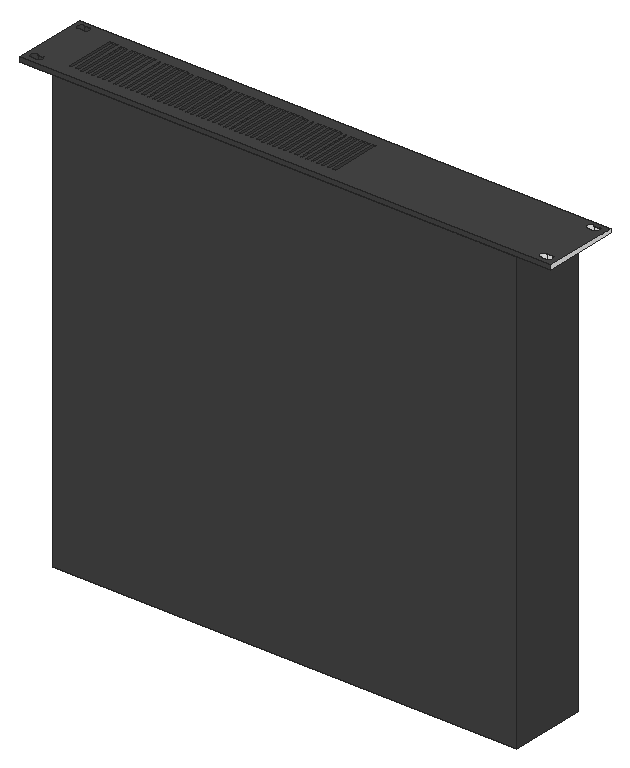
Revit family "Digital_Media-Honeywell-Amplifier-580248(49)-11", category Electrical Equipment, host Face, Revit 2017
Family settings
  Host = Face
  Round Connector Dimension = Use Diameter
  Part Type = Equipment Switch
  OmniClass Number = 23.85.50.00
  OmniClass Title = Communication Systems
  Cut with Voids When Loaded = No
  Shared = No
  Room Calculation Point = No
Parameters (values of type "Four Channel amplifier 4XD500 - 580249.11")
  Width = 484 mm  # constant formula
  Weight = if(Constraints = 1, 13.7999 kgf, 13.9999 kgf)  # 13.9999 kgf
  Watts = if(Constraints = 1, 300 W, 500 W)  # 500 W
  Wattage = if(Constraints = 1, "300 W", "500 W")  # "500 W"
  Voltage = "230 V"  # constant formula
  Version = "2017 - v1.0a"  # constant formula
  Utility = no
  Storage Temperature = "-10 °C ... 55 °C"  # constant formula
  Rated Voltage = "230 V AC"  # constant formula
  Rated Load Current = 2.95 A
  Rated Frequency = "50 ... 60 Hz (+10 % / -5 %)"  # constant formula
  Power Output = if(Constraints = 1, "4 x 300 W", "4 x 500 W")  # "4 x 500 W"
  Power Factor = 1
  Number of Poles = 1
  Manufacturer Phone Number = "02131/40615-600"  # constant formula
  Manufacturer Fax Number = "02131/40615-606"  # constant formula
  Manufacturer Email = "mailto:info@esser-systems.com"
  Manufacturer Address = "Dieselstr. 2 41469 Neuss Germany"  # constant formula
  Load Sub-Classification = no
  Frequency = 50 Hz
  Finish = Metal - Honeywell - Stainless Steel - Black
  URL = "www.esser-systems.com"
  Support Phone = "(224) 699-9545"  # constant formula
  Support Email = "mailto:support@anguleris.com"
  Product Page URL = "https://www.esser-systems.com/en/products/details/variodyn-d1/power-amplifier/58024911-four-channel-amplifier-4xd500/"
  Product Name = "Four Channel Amplifier "  # constant formula
  Product Documentation Link = "https://www.esser-systems.com/en/products/details/variodyn-d1/power-amplifier/58024911-four-channel-amplifier-4xd500/download/productdatasheet/3000699"
  Model = if(Constraints = 1, "580248.11", "580249.11")  # "580249.11"
  Material = ""
  Manufacturer = "Honeywell International"  # constant formula
  Keynote = ""
  Height = 68 mm  # constant formula
  Description = if(Constraints = 1, "Four channel amplifier 4XD300", "Four channel amplifier 4XD500")  # "Four channel amplifier 4XD500"
  Depth = 400 mm  # constant formula
  Default Elevation = 1219.2 mm
  Copyright = "© Copyright 2005-2019 Honeywell International Inc. All rights reserved."  # constant formula
  Constraints = 2
  Assembly Code = ""
  Apparent Load = 0 VA
  Ambient Temperature = "-5 °C ... 55 °C"  # constant formula
  Air Humidity = "40 ... 93 %"  # constant formula
Types (2, lengths in mm): name | Weight | Watts | Wattage | Power Output | Product Page URL | Product Documentation Link | Model | Description | Constraints
  Four Channel amplifier 4XD300 - 580248.11 | 13.7999 kgf | 300 W | "300 W" | "4 x 300 W" | "https://www.esser-systems.com/en/products/details/variodyn-d1/power-amplifier/58024811-four-channel-amplifier-4xd300/" | "https://www.esser-systems.com/en/products/details/variodyn-d1/power-amplifier/58024811-four-channel-amplifier-4xd300/download/productdatasheet/3000085" | "580248.11" | "Four channel amplifier 4XD300" | 1
  Four Channel amplifier 4XD500 - 580249.11 | 13.9999 kgf | 500 W | "500 W" | "4 x 500 W" | "https://www.esser-systems.com/en/products/details/variodyn-d1/power-amplifier/58024911-four-channel-amplifier-4xd500/" | "https://www.esser-systems.com/en/products/details/variodyn-d1/power-amplifier/58024911-four-channel-amplifier-4xd500/download/productdatasheet/3000699" | "580249.11" | "Four channel amplifier 4XD500" | 2
Reference planes
  plane 1 "Center (Front/Back)": y = 317.025
  plane 2: z = 0
  plane 3 "Center (Left/Right)": x = 0
  plane 4: y = -868.175
  plane 5: x = -242
  plane 6: x = 242
  plane 7: y = 351.025
  plane 8: y = 283.025
  plane 9 "Back": z = -400
  plane 10: z = 10.875
  plane 11: x = -158.75
Forms (mm)
  Extrusion 1, void
    sketch origin (0, 0, 0) x (1, 0, 0) y (0, 1, 0)
      loop
        line (-242, 351.025) -> (-242, 283.025) -> (242, 283.025) -> (242, 351.025) -> (-242, 351.025)
    from -402 to 10.875
  Extrusion 2, solid, material "Metal - Honeywell - Stainless Steel - Black" <- "Finish"
    sketch origin (0, 0, 0) x (1, 0, 0) y (0, 1, 0)
      loop
        line (242, 283.025) -> (242, 351.025) -> (-242, 351.025) -> (-242, 283.025) -> (242, 283.025)
      loop
        arc (-234.771, 346.867) -> (-237.919, 343.72) -> (-234.771, 340.572) r 3.148
        line (-234.771, 340.572) -> (-229.928, 340.572)
        arc (-229.928, 340.572) -> (-226.78, 343.72) -> (-229.928, 346.867) r 3.148
        line (-229.928, 346.867) -> (-234.771, 346.867)
      loop
        line (-234.771, 287.183) -> (-229.928, 287.183)
        arc (-229.928, 287.183) -> (-226.78, 290.331) -> (-229.928, 293.479) r 3.148
        line (-229.928, 293.479) -> (-234.771, 293.479)
        arc (-234.771, 293.479) -> (-237.919, 290.331) -> (-234.771, 287.183) r 3.148
      loop
        line (234.771, 346.867) -> (229.928, 346.867)
        arc (229.928, 346.867) -> (226.78, 343.72) -> (229.928, 340.572) r 3.148
        line (229.928, 340.572) -> (234.771, 340.572)
        arc (234.771, 340.572) -> (237.919, 343.72) -> (234.771, 346.867) r 3.148
      loop
        arc (234.771, 287.183) -> (237.919, 290.331) -> (234.771, 293.479) r 3.148
        line (234.771, 293.479) -> (229.928, 293.479)
        arc (229.928, 293.479) -> (226.78, 290.331) -> (229.928, 287.183) r 3.148
        line (229.928, 287.183) -> (234.771, 287.183)
      loop
        line (-205.682, 339.672) -> (-205.682, 294.688) -> (-203.153, 294.688) -> (-203.153, 339.672) -> (-205.682, 339.672)
      loop
        line (-200.741, 339.672) -> (-200.741, 294.688) -> (-198.189, 294.688) -> (-198.189, 339.672) -> (-200.741, 339.672)
      loop
        line (-195.682, 339.672) -> (-195.682, 294.688) -> (-193.153, 294.688) -> (-193.153, 339.672) -> (-195.682, 339.672)
      loop
        line (-190.741, 339.672) -> (-190.741, 294.688) -> (-188.189, 294.688) -> (-188.189, 339.672) -> (-190.741, 339.672)
      loop
        line (-185.777, 339.672) -> (-185.777, 294.688) -> (-183.225, 294.688) -> (-183.225, 339.672) -> (-185.777, 339.672)
      loop
        line (-180.718, 339.672) -> (-180.718, 294.688) -> (-178.189, 294.688) -> (-178.189, 339.672) -> (-180.718, 339.672)
      loop
        line (-175.777, 339.672) -> (-175.777, 294.688) -> (-173.225, 294.688) -> (-173.225, 339.672) -> (-175.777, 339.672)
      loop
        line (-170.813, 339.672) -> (-170.813, 294.688) -> (-168.261, 294.688) -> (-168.261, 339.672) -> (-170.813, 339.672)
      loop
        line (-165.754, 339.672) -> (-165.754, 294.688) -> (-163.225, 294.688) -> (-163.225, 339.672) -> (-165.754, 339.672)
      loop
        line (-160.313, 339.672) -> (-160.313, 294.688) -> (-157.761, 294.688) -> (-157.761, 339.672) -> (-160.313, 339.672)
      loop
        line (-155.349, 339.672) -> (-155.349, 294.688) -> (-152.797, 294.688) -> (-152.797, 339.672) -> (-155.349, 339.672)
      loop
        line (-150.29, 339.672) -> (-150.29, 294.688) -> (-147.761, 294.688) -> (-147.761, 339.672) -> (-150.29, 339.672)
      loop
        line (-145.349, 339.672) -> (-145.349, 294.688) -> (-142.797, 294.688) -> (-142.797, 339.672) -> (-145.349, 339.672)
      loop
        line (-140.384, 339.672) -> (-140.384, 294.688) -> (-137.833, 294.688) -> (-137.833, 339.672) -> (-140.384, 339.672)
      loop
        line (-135.325, 339.672) -> (-135.325, 294.688) -> (-132.797, 294.688) -> (-132.797, 339.672) -> (-135.325, 339.672)
      loop
        line (-130.384, 339.672) -> (-130.384, 294.688) -> (-127.833, 294.688) -> (-127.833, 339.672) -> (-130.384, 339.672)
      loop
        line (-125.42, 339.672) -> (-125.42, 294.688) -> (-122.868, 294.688) -> (-122.868, 339.672) -> (-125.42, 339.672)
      loop
        line (-120.361, 339.672) -> (-120.361, 294.688) -> (-117.833, 294.688) -> (-117.833, 339.672) -> (-120.361, 339.672)
      loop
        line (-115.42, 339.672) -> (-115.42, 294.688) -> (-112.868, 294.688) -> (-112.868, 339.672) -> (-115.42, 339.672)
      loop
        line (-110.456, 339.672) -> (-110.456, 294.688) -> (-107.904, 294.688) -> (-107.904, 339.672) -> (-110.456, 339.672)
      loop
        line (-105.397, 339.672) -> (-105.397, 294.688) -> (-102.868, 294.688) -> (-102.868, 339.672) -> (-105.397, 339.672)
      loop
        line (-100.456, 339.672) -> (-100.456, 294.688) -> (-97.904, 294.688) -> (-97.904, 339.672) -> (-100.456, 339.672)
      loop
        line (-95.492, 339.672) -> (-95.492, 294.688) -> (-92.94, 294.688) -> (-92.94, 339.672) -> (-95.492, 339.672)
      loop
        line (-90.433, 339.672) -> (-90.433, 294.688) -> (-87.904, 294.688) -> (-87.904, 339.672) -> (-90.433, 339.672)
      loop
        line (-85.492, 339.672) -> (-85.492, 294.688) -> (-82.94, 294.688) -> (-82.94, 339.672) -> (-85.492, 339.672)
      loop
        line (-80.528, 339.672) -> (-80.528, 294.688) -> (-77.976, 294.688) -> (-77.976, 339.672) -> (-80.528, 339.672)
      loop
        line (-75.469, 339.672) -> (-75.469, 294.688) -> (-72.94, 294.688) -> (-72.94, 339.672) -> (-75.469, 339.672)
      loop
        line (-70.528, 339.672) -> (-70.528, 294.688) -> (-67.976, 294.688) -> (-67.976, 339.672) -> (-70.528, 339.672)
      loop
        line (-65.564, 339.672) -> (-65.564, 294.688) -> (-63.012, 294.688) -> (-63.012, 339.672) -> (-65.564, 339.672)
      loop
        line (-60.505, 339.672) -> (-60.505, 294.688) -> (-57.976, 294.688) -> (-57.976, 339.672) -> (-60.505, 339.672)
      loop
        line (-55.564, 339.672) -> (-55.564, 294.688) -> (-53.012, 294.688) -> (-53.012, 339.672) -> (-55.564, 339.672)
      loop
        line (-50.6, 339.672) -> (-50.6, 294.688) -> (-48.048, 294.688) -> (-48.048, 339.672) -> (-50.6, 339.672)
      loop
        line (-45.541, 339.672) -> (-45.541, 294.688) -> (-43.012, 294.688) -> (-43.012, 339.672) -> (-45.541, 339.672)
      loop
        line (-40.6, 339.672) -> (-40.6, 294.688) -> (-38.048, 294.688) -> (-38.048, 339.672) -> (-40.6, 339.672)
      loop
        line (-35.635, 339.672) -> (-35.635, 294.688) -> (-33.084, 294.688) -> (-33.084, 339.672) -> (-35.635, 339.672)
      loop
        line (-30.577, 339.672) -> (-30.577, 294.688) -> (-28.048, 294.688) -> (-28.048, 339.672) -> (-30.577, 339.672)
      loop
        line (-25.635, 339.672) -> (-25.635, 294.688) -> (-23.084, 294.688) -> (-23.084, 339.672) -> (-25.635, 339.672)
      loop
        line (-20.671, 339.672) -> (-20.671, 294.688) -> (-18.119, 294.688) -> (-18.119, 339.672) -> (-20.671, 339.672)
      loop
        line (-15.612, 339.672) -> (-15.612, 294.688) -> (-13.084, 294.688) -> (-13.084, 339.672) -> (-15.612, 339.672)
      loop
        line (-10.671, 339.672) -> (-10.671, 294.688) -> (-8.119, 294.688) -> (-8.119, 339.672) -> (-10.671, 339.672)
      loop
        line (-5.707, 339.672) -> (-5.707, 294.688) -> (-3.155, 294.688) -> (-3.155, 339.672) -> (-5.707, 339.672)
      loop
        line (-0.648, 339.672) -> (-0.648, 294.688) -> (1.881, 294.688) -> (1.881, 339.672) -> (-0.648, 339.672)
      loop
        line (4.293, 339.672) -> (4.293, 294.688) -> (6.845, 294.688) -> (6.845, 339.672) -> (4.293, 339.672)
      loop
        line (9.257, 339.672) -> (9.257, 294.688) -> (11.809, 294.688) -> (11.809, 339.672) -> (9.257, 339.672)
      loop
        line (14.316, 339.672) -> (14.316, 294.688) -> (16.845, 294.688) -> (16.845, 339.672) -> (14.316, 339.672)
      loop
        line (19.257, 339.672) -> (19.257, 294.688) -> (21.809, 294.688) -> (21.809, 339.672) -> (19.257, 339.672)
      loop
        line (24.221, 339.672) -> (24.221, 294.688) -> (26.773, 294.688) -> (26.773, 339.672) -> (24.221, 339.672)
      loop
        line (29.28, 339.672) -> (29.28, 294.688) -> (31.809, 294.688) -> (31.809, 339.672) -> (29.28, 339.672)
      loop
        line (34.221, 339.672) -> (34.221, 294.688) -> (36.773, 294.688) -> (36.773, 339.672) -> (34.221, 339.672)
    from 0 to 4
  Extrusion 3, solid, material "Metal - Honeywell - Stainless Steel - Black"
    sketch origin (0, 0, 0) x (1, 0, 0) y (0, 1, 0)
      loop
        line (-210.879, 351.025) -> (-211.879, 283.025) -> (211, 283.025) -> (212, 351.025) -> (-210.879, 351.025)
    from 0 to -402
Lines and regions (mm)
  Masking region 1
    outline origin (0, 317.025, 0) x (1, 0, 0) y (0, 0, 1)
      loop
        line (-242, -400) -> (242, -400) -> (242, 4) -> (-242, 4) -> (-242, -400)
  Split face 1
    outline origin (-31.31, -17.075, 4) x (1, 0, 0) y (0, 1, 0)
      loop
        line (85.583, 330.048) -> (85.583, 326.452) -> (112.825, 326.452) -> (112.825, 330.048) -> (85.583, 330.048)
  Split face 2
    outline origin (-58.938, -16.388, 4) x (1, 0, 0) y (0, 1, 0)
      loop
        line (113.112, 341.732) -> (113.112, 338.024) -> (140.924, 338.024) -> (140.924, 341.732) -> (113.112, 341.732)
  Split face 3
    outline origin (-38.173, -17.107, 4) x (1, 0, 0) y (0, 1, 0)
      loop
        line (92.371, 335.577) -> (92.371, 332.318) -> (119.973, 332.318) -> (119.973, 335.577) -> (92.371, 335.577)
  Split face 4
    outline origin (0, 0, 4) x (1, 0, 0) y (0, 1, 0)
      loop
        line (179.089, 351.025) -> (179.089, 283.025)
  Split face 5
    outline origin (3.962, -22.943, 4) x (1, 0, 0) y (0, 1, 0)
      loop
        line (81.951, 325.725) -> (81.951, 319.284) -> (115.421, 319.284) -> (115.421, 325.725) -> (81.951, 325.725)
  Split face 6
    outline origin (-0.038, -0.212, 4) x (1, 0, 0) y (0, 1, 0)
      loop
        line (129.232, 323.369) -> (129.232, 320.354) -> (149.955, 320.354) -> (149.955, 323.369) -> (129.232, 323.369)
  Split face 7
    outline origin (0.101, -9.011, 4) x (1, 0, 0) y (0, 1, 0)
      loop
        line (129.232, 323.559) -> (129.232, 319.851) -> (149.955, 319.851) -> (149.955, 323.559) -> (129.232, 323.559)
  Split face 8
    outline origin (0, -9.188, 4) x (1, 0, 0) y (0, 1, 0)
      loop
        line (129.232, 329.409) -> (129.232, 326.329) -> (149.955, 326.329) -> (149.955, 329.409) -> (129.232, 329.409)
  Split face 9
    outline origin (-0.302, -0.101, 4) x (1, 0, 0) y (0, 1, 0)
      loop
        line (54.726, 306.607) -> (54.726, 302.852) -> (82.162, 302.852) -> (82.162, 306.607) -> (54.726, 306.607)
  Split face 10
    outline origin (-242, 351.025, 0) x (1, 0, 0) y (0, 0, -1)
      loop
        line (421.089, -4) -> (421.089, 0)
  Split face 11
    outline origin (242, 283.025, 0) x (-1, 0, 0) y (0, 0, -1)
      loop
        line (62.911, -4) -> (62.911, 0)
  Split face 12
    outline origin (0, -0.938, 4) x (1, 0, 0) y (0, 1, 0)
      loop
        line (53.674, 333.284) -> (53.674, 329.409) -> (81.015, 329.409) -> (81.015, 333.284) -> (53.674, 333.284)
Dimensions and locks
  "Default Elevation": plane 4 to plane 7
  plane 10 to Masking region 1 = 6.875 mm
  "Depth": level to plane 9 "Back"
  "Height": plane 8 to plane 7
  equal spacing: plane 5, plane 3 "Center (Left/Right)", plane 6
  "Width": plane 5 to plane 6
  equal spacing: plane 8, plane 1 "Center (Front/Back)", plane 7
  locked: plane 10 to level at 10.875
  locked: Extrusion 2 to level at 4  (x3)
  Extrusion 2 sketch curve to Extrusion 2 sketch curve to plane 7 = 6.296 mm locked, 4.158 mm locked  (x2)
  plane 5 to Extrusion 2 sketch curve to Extrusion 2 sketch curve = 4.081 mm locked, 11.139 mm  (x2)
  Extrusion 2 sketch curve to Extrusion 2 sketch curve to plane 8 = 6.296 mm locked, 4.158 mm locked  (x2)
  plane 6 to Extrusion 2 sketch curve to Extrusion 2 sketch curve = 4.081 mm locked, 11.139 mm  (x2)
  locked: host sketch curve to plane 3 "Center (Left/Right)" at 1219.2  (x12)
  locked: host sketch curve to plane 1 "Center (Front/Back)" at 1536.225  (x6)
  locked: host sketch curve to plane 1 "Center (Front/Back)" at 902.175  (x6)
  Extrusion 1 sketch curve to plane 3 "Center (Left/Right)" = 242 mm  (x6)
  Extrusion 1 sketch curve to plane 1 "Center (Front/Back)" = 34 mm  (x6)
  Extrusion 2 to plane 3 "Center (Left/Right)" = 242 mm  (x4)
  Extrusion 2 to plane 3 "Center (Left/Right)" = 203.153 mm  (x2)
  Extrusion 2 to plane 3 "Center (Left/Right)" = 205.682 mm  (x2)
  Extrusion 2 to plane 3 "Center (Left/Right)" = 198.189 mm  (x2)
  Extrusion 2 to plane 3 "Center (Left/Right)" = 200.741 mm  (x2)
  Extrusion 2 to plane 3 "Center (Left/Right)" = 193.153 mm  (x2)
  Extrusion 2 to plane 3 "Center (Left/Right)" = 195.682 mm  (x2)
  Extrusion 2 to plane 3 "Center (Left/Right)" = 188.189 mm  (x2)
  Extrusion 2 to plane 3 "Center (Left/Right)" = 190.741 mm  (x2)
  Extrusion 2 to plane 3 "Center (Left/Right)" = 183.225 mm  (x2)
  Extrusion 2 to plane 3 "Center (Left/Right)" = 185.777 mm  (x2)
  Extrusion 2 to plane 3 "Center (Left/Right)" = 178.189 mm  (x2)
  Extrusion 2 to plane 3 "Center (Left/Right)" = 180.718 mm  (x2)
  Extrusion 2 to plane 3 "Center (Left/Right)" = 173.225 mm  (x2)
  Extrusion 2 to plane 3 "Center (Left/Right)" = 175.777 mm  (x2)
  Extrusion 2 to plane 3 "Center (Left/Right)" = 168.261 mm  (x2)
  Extrusion 2 to plane 3 "Center (Left/Right)" = 170.813 mm  (x2)
  Extrusion 2 to plane 3 "Center (Left/Right)" = 163.225 mm  (x2)
  Extrusion 2 to plane 3 "Center (Left/Right)" = 165.754 mm  (x2)
  locked: Extrusion 2 to plane 3 "Center (Left/Right)" at 157.761  (x2)
  locked: Extrusion 2 to plane 3 "Center (Left/Right)" at 160.313  (x2)
  locked: Extrusion 2 to plane 3 "Center (Left/Right)" at 152.797  (x2)
  locked: Extrusion 2 to plane 3 "Center (Left/Right)" at 155.349  (x2)
  locked: Extrusion 2 to plane 3 "Center (Left/Right)" at 147.761  (x2)
  locked: Extrusion 2 to plane 3 "Center (Left/Right)" at 150.29  (x2)
  locked: Extrusion 2 to plane 3 "Center (Left/Right)" at 142.797  (x2)
  locked: Extrusion 2 to plane 3 "Center (Left/Right)" at 145.349  (x2)
  locked: Extrusion 2 to plane 3 "Center (Left/Right)" at 137.833  (x2)
  locked: Extrusion 2 to plane 3 "Center (Left/Right)" at 140.384  (x2)
  locked: Extrusion 2 to plane 3 "Center (Left/Right)" at 132.797  (x2)
  locked: Extrusion 2 to plane 3 "Center (Left/Right)" at 135.325  (x2)
  locked: Extrusion 2 to plane 3 "Center (Left/Right)" at 127.833  (x2)
  locked: Extrusion 2 to plane 3 "Center (Left/Right)" at 130.384  (x2)
  locked: Extrusion 2 to plane 3 "Center (Left/Right)" at 122.868  (x2)
  locked: Extrusion 2 to plane 3 "Center (Left/Right)" at 125.42  (x2)
  locked: Extrusion 2 to plane 3 "Center (Left/Right)" at 117.833  (x2)
  locked: Extrusion 2 to plane 3 "Center (Left/Right)" at 120.361  (x2)
  locked: Extrusion 2 to plane 3 "Center (Left/Right)" at 112.868  (x2)
  locked: Extrusion 2 to plane 3 "Center (Left/Right)" at 115.42  (x2)
  locked: Extrusion 2 to plane 3 "Center (Left/Right)" at 107.904  (x2)
  locked: Extrusion 2 to plane 3 "Center (Left/Right)" at 110.456  (x2)
  locked: Extrusion 2 to plane 3 "Center (Left/Right)" at 102.868  (x2)
  locked: Extrusion 2 to plane 3 "Center (Left/Right)" at 105.397  (x2)
  locked: Extrusion 2 to plane 3 "Center (Left/Right)" at 97.904  (x2)
  locked: Extrusion 2 to plane 3 "Center (Left/Right)" at 100.456  (x2)
  locked: Extrusion 2 to plane 3 "Center (Left/Right)" at 92.94  (x2)
  locked: Extrusion 2 to plane 3 "Center (Left/Right)" at 95.492  (x2)
  locked: Extrusion 2 to plane 3 "Center (Left/Right)" at 87.904  (x2)
  locked: Extrusion 2 to plane 3 "Center (Left/Right)" at 90.433  (x2)
  locked: Extrusion 2 to plane 3 "Center (Left/Right)" at 82.94  (x2)
  locked: Extrusion 2 to plane 3 "Center (Left/Right)" at 85.492  (x2)
  locked: Extrusion 2 to plane 3 "Center (Left/Right)" at 77.976  (x2)
  locked: Extrusion 2 to plane 3 "Center (Left/Right)" at 80.528  (x2)
  locked: Extrusion 2 to plane 3 "Center (Left/Right)" at 72.94  (x2)
  locked: Extrusion 2 to plane 3 "Center (Left/Right)" at 75.469  (x2)
  locked: Extrusion 2 to plane 3 "Center (Left/Right)" at 67.976  (x2)
  locked: Extrusion 2 to plane 3 "Center (Left/Right)" at 70.528  (x2)
  locked: Extrusion 2 to plane 3 "Center (Left/Right)" at 63.012  (x2)
  locked: Extrusion 2 to plane 3 "Center (Left/Right)" at 65.564  (x2)
  locked: Extrusion 2 to plane 3 "Center (Left/Right)" at 57.976  (x2)
  locked: Extrusion 2 to plane 3 "Center (Left/Right)" at 60.505  (x2)
  locked: Extrusion 2 to plane 3 "Center (Left/Right)" at 53.012  (x2)
  locked: Extrusion 2 to plane 3 "Center (Left/Right)" at 55.564  (x2)
  locked: Extrusion 2 to plane 3 "Center (Left/Right)" at 48.048  (x2)
  locked: Extrusion 2 to plane 3 "Center (Left/Right)" at 50.6  (x2)
  locked: Extrusion 2 to plane 3 "Center (Left/Right)" at 43.012  (x2)
  locked: Extrusion 2 to plane 3 "Center (Left/Right)" at 45.541  (x2)
  locked: Extrusion 2 to plane 3 "Center (Left/Right)" at 38.048  (x2)
  locked: Extrusion 2 to plane 3 "Center (Left/Right)" at 40.6  (x2)
  locked: Extrusion 2 to plane 3 "Center (Left/Right)" at 33.084  (x2)
  locked: Extrusion 2 to plane 3 "Center (Left/Right)" at 35.635  (x2)
  locked: Extrusion 2 to plane 3 "Center (Left/Right)" at 28.048  (x2)
  locked: Extrusion 2 to plane 3 "Center (Left/Right)" at 30.577  (x2)
  locked: Extrusion 2 to plane 3 "Center (Left/Right)" at 23.084  (x2)
  locked: Extrusion 2 to plane 3 "Center (Left/Right)" at 25.635  (x2)
  locked: Extrusion 2 to plane 3 "Center (Left/Right)" at 18.119  (x2)
  locked: Extrusion 2 to plane 3 "Center (Left/Right)" at 20.671  (x2)
  locked: Extrusion 2 to plane 3 "Center (Left/Right)" at 13.084  (x2)
  locked: Extrusion 2 to plane 3 "Center (Left/Right)" at 15.612  (x2)
  locked: Extrusion 2 to plane 3 "Center (Left/Right)" at 8.119  (x2)
  locked: Extrusion 2 to plane 3 "Center (Left/Right)" at 10.671  (x2)
  locked: Extrusion 2 to plane 3 "Center (Left/Right)" at 3.155  (x2)
  locked: Extrusion 2 to plane 3 "Center (Left/Right)" at 5.707  (x2)
  locked: Extrusion 2 to plane 3 "Center (Left/Right)" at 1.881  (x2)
  locked: Extrusion 2 to plane 3 "Center (Left/Right)" at 6.845  (x2)
  locked: Extrusion 2 to plane 3 "Center (Left/Right)" at 4.293  (x2)
  locked: Extrusion 2 to plane 3 "Center (Left/Right)" at 11.809  (x2)
  locked: Extrusion 2 to plane 3 "Center (Left/Right)" at 9.257  (x2)
  locked: Extrusion 2 to plane 3 "Center (Left/Right)" at 16.845  (x2)
  locked: Extrusion 2 to plane 3 "Center (Left/Right)" at 14.316  (x2)
  locked: Extrusion 2 to plane 3 "Center (Left/Right)" at 21.809  (x2)
  locked: Extrusion 2 to plane 3 "Center (Left/Right)" at 19.257  (x2)
  locked: Extrusion 2 to plane 3 "Center (Left/Right)" at 26.773  (x2)
  locked: Extrusion 2 to plane 3 "Center (Left/Right)" at 24.221  (x2)
  locked: Extrusion 2 to plane 3 "Center (Left/Right)" at 31.809  (x2)
  locked: Extrusion 2 to plane 3 "Center (Left/Right)" at 29.28  (x2)
  locked: Extrusion 2 to plane 3 "Center (Left/Right)" at 36.773  (x2)
  locked: Extrusion 2 to plane 3 "Center (Left/Right)" at 34.221  (x2)
  Extrusion 2 to plane 1 "Center (Front/Back)" = 34 mm  (x4)
  Extrusion 2 to plane 1 "Center (Front/Back)" = 23.546 mm  (x8)
  Extrusion 2 to plane 1 "Center (Front/Back)" = 29.842 mm  (x8)
  Extrusion 2 to plane 1 "Center (Front/Back)" = 22.338 mm  (x98)
  Extrusion 2 to plane 1 "Center (Front/Back)" = 22.647 mm  (x98)
  Extrusion 2 sketch curve to plane 1 "Center (Front/Back)" = 34 mm  (x12)
  Extrusion 2 sketch curve to plane 1 "Center (Front/Back)" = 29.842 mm  (x40)
  Extrusion 2 sketch curve to plane 1 "Center (Front/Back)" = 23.546 mm  (x48)
  Extrusion 2 sketch curve to plane 1 "Center (Front/Back)" = 22.338 mm  (x294)
  Extrusion 2 sketch curve to plane 1 "Center (Front/Back)" = 22.647 mm  (x294)
  Extrusion 2 sketch curve to plane 3 "Center (Left/Right)" = 242 mm  (x6)
  Extrusion 2 sketch curve to plane 3 "Center (Left/Right)" = 229.928 mm  (x8)
  Extrusion 2 sketch curve to plane 3 "Center (Left/Right)" = 234.771 mm  (x8)
  Extrusion 2 sketch curve to plane 3 "Center (Left/Right)" = 203.153 mm  (x3)
  Extrusion 2 sketch curve to plane 3 "Center (Left/Right)" = 205.682 mm  (x3)
  Extrusion 2 sketch curve to plane 3 "Center (Left/Right)" = 198.189 mm  (x3)
  Extrusion 2 sketch curve to plane 3 "Center (Left/Right)" = 200.741 mm  (x3)
  Extrusion 2 sketch curve to plane 3 "Center (Left/Right)" = 193.153 mm  (x3)
  Extrusion 2 sketch curve to plane 3 "Center (Left/Right)" = 195.682 mm  (x3)
  Extrusion 2 sketch curve to plane 3 "Center (Left/Right)" = 188.189 mm  (x3)
  Extrusion 2 sketch curve to plane 3 "Center (Left/Right)" = 190.741 mm  (x3)
  Extrusion 2 sketch curve to plane 3 "Center (Left/Right)" = 183.225 mm  (x3)
  Extrusion 2 sketch curve to plane 3 "Center (Left/Right)" = 185.777 mm  (x3)
  Extrusion 2 sketch curve to plane 3 "Center (Left/Right)" = 178.189 mm  (x3)
  Extrusion 2 sketch curve to plane 3 "Center (Left/Right)" = 180.718 mm  (x3)
  Extrusion 2 sketch curve to plane 3 "Center (Left/Right)" = 173.225 mm  (x3)
  Extrusion 2 sketch curve to plane 3 "Center (Left/Right)" = 175.777 mm  (x3)
  Extrusion 2 sketch curve to plane 3 "Center (Left/Right)" = 168.261 mm  (x3)
  Extrusion 2 sketch curve to plane 3 "Center (Left/Right)" = 170.813 mm  (x3)
  Extrusion 2 sketch curve to plane 3 "Center (Left/Right)" = 163.225 mm  (x3)
  Extrusion 2 sketch curve to plane 3 "Center (Left/Right)" = 165.754 mm  (x3)
  locked: Extrusion 2 sketch curve to plane 3 "Center (Left/Right)" at 157.761  (x3)
  locked: Extrusion 2 sketch curve to plane 3 "Center (Left/Right)" at 160.313  (x3)
  locked: Extrusion 2 sketch curve to plane 3 "Center (Left/Right)" at 152.797  (x3)
  locked: Extrusion 2 sketch curve to plane 3 "Center (Left/Right)" at 155.349  (x3)
  locked: Extrusion 2 sketch curve to plane 3 "Center (Left/Right)" at 147.761  (x3)
  locked: Extrusion 2 sketch curve to plane 3 "Center (Left/Right)" at 150.29  (x3)
  locked: Extrusion 2 sketch curve to plane 3 "Center (Left/Right)" at 142.797  (x3)
  locked: Extrusion 2 sketch curve to plane 3 "Center (Left/Right)" at 145.349  (x3)
  locked: Extrusion 2 sketch curve to plane 3 "Center (Left/Right)" at 137.833  (x3)
  locked: Extrusion 2 sketch curve to plane 3 "Center (Left/Right)" at 140.384  (x3)
  locked: Extrusion 2 sketch curve to plane 3 "Center (Left/Right)" at 132.797  (x3)
  locked: Extrusion 2 sketch curve to plane 3 "Center (Left/Right)" at 135.325  (x3)
  locked: Extrusion 2 sketch curve to plane 3 "Center (Left/Right)" at 127.833  (x3)
  locked: Extrusion 2 sketch curve to plane 3 "Center (Left/Right)" at 130.384  (x3)
  locked: Extrusion 2 sketch curve to plane 3 "Center (Left/Right)" at 122.868  (x3)
  locked: Extrusion 2 sketch curve to plane 3 "Center (Left/Right)" at 125.42  (x3)
  locked: Extrusion 2 sketch curve to plane 3 "Center (Left/Right)" at 117.833  (x3)
  locked: Extrusion 2 sketch curve to plane 3 "Center (Left/Right)" at 120.361  (x3)
  locked: Extrusion 2 sketch curve to plane 3 "Center (Left/Right)" at 112.868  (x3)
  locked: Extrusion 2 sketch curve to plane 3 "Center (Left/Right)" at 115.42  (x3)
  locked: Extrusion 2 sketch curve to plane 3 "Center (Left/Right)" at 107.904  (x3)
  locked: Extrusion 2 sketch curve to plane 3 "Center (Left/Right)" at 110.456  (x3)
  locked: Extrusion 2 sketch curve to plane 3 "Center (Left/Right)" at 102.868  (x3)
  locked: Extrusion 2 sketch curve to plane 3 "Center (Left/Right)" at 105.397  (x3)
  locked: Extrusion 2 sketch curve to plane 3 "Center (Left/Right)" at 97.904  (x3)
  locked: Extrusion 2 sketch curve to plane 3 "Center (Left/Right)" at 100.456  (x3)
  locked: Extrusion 2 sketch curve to plane 3 "Center (Left/Right)" at 92.94  (x3)
  locked: Extrusion 2 sketch curve to plane 3 "Center (Left/Right)" at 95.492  (x3)
  locked: Extrusion 2 sketch curve to plane 3 "Center (Left/Right)" at 87.904  (x3)
  locked: Extrusion 2 sketch curve to plane 3 "Center (Left/Right)" at 90.433  (x3)
  locked: Extrusion 2 sketch curve to plane 3 "Center (Left/Right)" at 82.94  (x3)
  locked: Extrusion 2 sketch curve to plane 3 "Center (Left/Right)" at 85.492  (x3)
  locked: Extrusion 2 sketch curve to plane 3 "Center (Left/Right)" at 77.976  (x3)
  locked: Extrusion 2 sketch curve to plane 3 "Center (Left/Right)" at 80.528  (x3)
  locked: Extrusion 2 sketch curve to plane 3 "Center (Left/Right)" at 72.94  (x3)
  locked: Extrusion 2 sketch curve to plane 3 "Center (Left/Right)" at 75.469  (x3)
  locked: Extrusion 2 sketch curve to plane 3 "Center (Left/Right)" at 67.976  (x3)
  locked: Extrusion 2 sketch curve to plane 3 "Center (Left/Right)" at 70.528  (x3)
  locked: Extrusion 2 sketch curve to plane 3 "Center (Left/Right)" at 63.012  (x3)
  locked: Extrusion 2 sketch curve to plane 3 "Center (Left/Right)" at 65.564  (x3)
  locked: Extrusion 2 sketch curve to plane 3 "Center (Left/Right)" at 57.976  (x3)
  locked: Extrusion 2 sketch curve to plane 3 "Center (Left/Right)" at 60.505  (x3)
  locked: Extrusion 2 sketch curve to plane 3 "Center (Left/Right)" at 53.012  (x3)
  locked: Extrusion 2 sketch curve to plane 3 "Center (Left/Right)" at 55.564  (x3)
  locked: Extrusion 2 sketch curve to plane 3 "Center (Left/Right)" at 48.048  (x3)
  locked: Extrusion 2 sketch curve to plane 3 "Center (Left/Right)" at 50.6  (x3)
  locked: Extrusion 2 sketch curve to plane 3 "Center (Left/Right)" at 43.012  (x3)
  locked: Extrusion 2 sketch curve to plane 3 "Center (Left/Right)" at 45.541  (x3)
  locked: Extrusion 2 sketch curve to plane 3 "Center (Left/Right)" at 38.048  (x3)
  locked: Extrusion 2 sketch curve to plane 3 "Center (Left/Right)" at 40.6  (x3)
  locked: Extrusion 2 sketch curve to plane 3 "Center (Left/Right)" at 33.084  (x3)
  locked: Extrusion 2 sketch curve to plane 3 "Center (Left/Right)" at 35.635  (x3)
  locked: Extrusion 2 sketch curve to plane 3 "Center (Left/Right)" at 28.048  (x3)
  locked: Extrusion 2 sketch curve to plane 3 "Center (Left/Right)" at 30.577  (x3)
  locked: Extrusion 2 sketch curve to plane 3 "Center (Left/Right)" at 23.084  (x3)
  locked: Extrusion 2 sketch curve to plane 3 "Center (Left/Right)" at 25.635  (x3)
  locked: Extrusion 2 sketch curve to plane 3 "Center (Left/Right)" at 18.119  (x3)
  locked: Extrusion 2 sketch curve to plane 3 "Center (Left/Right)" at 20.671  (x3)
  locked: Extrusion 2 sketch curve to plane 3 "Center (Left/Right)" at 13.084  (x3)
  locked: Extrusion 2 sketch curve to plane 3 "Center (Left/Right)" at 15.612  (x3)
  locked: Extrusion 2 sketch curve to plane 3 "Center (Left/Right)" at 8.119  (x3)
  locked: Extrusion 2 sketch curve to plane 3 "Center (Left/Right)" at 10.671  (x3)
  locked: Extrusion 2 sketch curve to plane 3 "Center (Left/Right)" at 3.155  (x3)
  locked: Extrusion 2 sketch curve to plane 3 "Center (Left/Right)" at 5.707  (x3)
  locked: Extrusion 2 sketch curve to plane 3 "Center (Left/Right)" at 1.881  (x3)
  locked: Extrusion 2 sketch curve to plane 3 "Center (Left/Right)" at 6.845  (x3)
  locked: Extrusion 2 sketch curve to plane 3 "Center (Left/Right)" at 4.293  (x3)
  locked: Extrusion 2 sketch curve to plane 3 "Center (Left/Right)" at 11.809  (x3)
  locked: Extrusion 2 sketch curve to plane 3 "Center (Left/Right)" at 9.257  (x3)
  locked: Extrusion 2 sketch curve to plane 3 "Center (Left/Right)" at 16.845  (x3)
  locked: Extrusion 2 sketch curve to plane 3 "Center (Left/Right)" at 14.316  (x3)
  locked: Extrusion 2 sketch curve to plane 3 "Center (Left/Right)" at 21.809  (x3)
  locked: Extrusion 2 sketch curve to plane 3 "Center (Left/Right)" at 19.257  (x3)
  locked: Extrusion 2 sketch curve to plane 3 "Center (Left/Right)" at 26.773  (x3)
  locked: Extrusion 2 sketch curve to plane 3 "Center (Left/Right)" at 24.221  (x3)
  locked: Extrusion 2 sketch curve to plane 3 "Center (Left/Right)" at 31.809  (x3)
  locked: Extrusion 2 sketch curve to plane 3 "Center (Left/Right)" at 29.28  (x3)
  locked: Extrusion 2 sketch curve to plane 3 "Center (Left/Right)" at 36.773  (x3)
  locked: Extrusion 2 sketch curve to plane 3 "Center (Left/Right)" at 34.221  (x3)
  Extrusion 3 sketch curve to plane 3 "Center (Left/Right)" = 212 mm  (x2)
  locked: Extrusion 3 sketch curve to plane 3 "Center (Left/Right)" at 211  (x2)
  Extrusion 3 sketch curve to plane 3 "Center (Left/Right)" = 211.879 mm  (x2)
  locked: Extrusion 3 sketch curve to plane 3 "Center (Left/Right)" at 210.879  (x2)
  Extrusion 3 to plane 1 "Center (Front/Back)" = 34 mm  (x4)
  Extrusion 3 sketch curve to plane 1 "Center (Front/Back)" = 34 mm  (x12)
  locked: Extrusion 3 to level at 402  (x2)
  plane 1 "Center (Front/Back)" to Split face 12 sketch curve to Split face 12 sketch curve = 11.447 mm locked, 3.875 mm locked
  plane 1 "Center (Front/Back)" to Split face 2 sketch curve to Split face 2 sketch curve = 4.611 mm locked, 3.708 mm locked
  Split face 3 sketch curve to plane 1 "Center (Front/Back)" to Split face 3 sketch curve = 1.815 mm locked, 1.444 mm locked
  Split face 1 sketch curve to Split face 1 sketch curve to plane 1 "Center (Front/Back)" = 3.596 mm locked, 4.052 mm locked
  Split face 9 sketch curve to Split face 9 sketch curve to plane 1 "Center (Front/Back)" = 3.755 mm locked, 10.519 mm locked
  Split face 7 to Split face 7 to plane 1 "Center (Front/Back)" to Split face 8 to Split face 6 to Split face 8 to Split face 6 = 3.708 mm locked, 2.477 mm, 0.116 mm, 3 mm, 0.08 mm, 2.935 mm
  Split face 5 sketch curve to Split face 5 sketch curve to plane 1 "Center (Front/Back)" = 6.441 mm locked, 14.243 mm locked
  aligned and locked: plane 2 to host face
  aligned and locked: Masking region 1 sketch curve to plane 9 "Back"
  aligned and locked: Masking region 1 to plane 6
  aligned and locked: Masking region 1 to plane 5
  aligned and locked: plane 10 to Extrusion 1
  aligned and locked: plane 7 to Extrusion 3 sketch curve
  aligned and locked: Extrusion 3 sketch curve to plane 8
  aligned and locked: level to Extrusion 3
  aligned and locked: Masking region 1 to Extrusion 2
  aligned and locked: plane 7 to Extrusion 1 sketch curve
  aligned and locked: Extrusion 1 sketch curve to plane 8
  aligned and locked: plane 5 to Extrusion 1 sketch curve
  aligned and locked: Extrusion 1 sketch curve to plane 6
Automatic sketch dimensions
  plane 5 to Masking region 1 sketch curve = 0 mm
  Masking region 1 sketch curve to plane 6 = 0 mm
  level to Masking region 1 sketch curve = 4 mm
  Split face 1 sketch curve to Extrusion 2 = 187.727 mm
  Split face 1 sketch curve to Split face 1 sketch curve = 27.242 mm
  Split face 2 sketch curve to Extrusion 2 = 187.826 mm
  Split face 2 sketch curve to Split face 2 sketch curve = 27.812 mm
  Split face 3 sketch curve to Extrusion 2 = 187.803 mm
  Split face 3 sketch curve to Split face 3 sketch curve = 27.603 mm
  Extrusion 2 to Split face 4 sketch curve = 0 mm
  Split face 4 sketch curve to Extrusion 2 = 0 mm
  Split face 4 sketch curve to Extrusion 2 = 62.911 mm
  Split face 5 sketch curve to Extrusion 2 = 156.087 mm
  Split face 5 sketch curve to Split face 5 sketch curve = 33.47 mm
  Split face 6 sketch curve to Extrusion 2 = 20.43 mm
  Split face 6 sketch curve to Extrusion 2 = 112.806 mm
  Split face 6 sketch curve to Split face 6 sketch curve = 20.723 mm
  Split face 6 sketch curve to Split face 6 sketch curve = 3.015 mm
  Split face 7 sketch curve to Extrusion 2 = 17.361 mm
  Split face 7 sketch curve to Extrusion 2 = 112.667 mm
  Split face 7 sketch curve to Split face 7 sketch curve = 20.723 mm
  Split face 7 sketch curve to Split face 7 sketch curve = 3.708 mm
  Split face 8 sketch curve to Extrusion 2 = 23.663 mm
  Split face 8 sketch curve to Extrusion 2 = 112.768 mm
  Split face 8 sketch curve to Split face 8 sketch curve = 20.723 mm
  Split face 8 sketch curve to Split face 8 sketch curve = 3.08 mm
  Split face 9 sketch curve to Extrusion 2 = 187.576 mm
  Split face 9 sketch curve to Split face 9 sketch curve = 27.436 mm
  Split face 10 sketch curve to Extrusion 2 = 0 mm  (x2)
  Split face 10 sketch curve to Extrusion 2 = 62.911 mm
  Split face 11 sketch curve to Extrusion 2 = 0 mm  (x2)
  Split face 11 sketch curve to Extrusion 2 = 62.911 mm
  plane 5 to Extrusion 3 sketch curve = 30.121 mm
  Extrusion 3 sketch curve to plane 6 = 30 mm
  Extrusion 2 sketch curve to plane 5 = 0 mm
  Extrusion 2 sketch curve to plane 6 = 0 mm
  plane 8 to Extrusion 2 sketch curve = 0 mm
  plane 7 to Extrusion 2 sketch curve = 0 mm
  plane 7 to Extrusion 2 sketch curve = 11.353 mm  (x3)
  Extrusion 2 sketch curve to Extrusion 2 sketch curve = 24.246 mm
  Extrusion 2 sketch curve to Extrusion 2 sketch curve = 2.529 mm  (x16)
  Extrusion 2 sketch curve to Extrusion 2 sketch curve = 2.412 mm  (x31)
  Extrusion 2 sketch curve to Extrusion 2 sketch curve = 2.552 mm  (x31)
  Extrusion 2 sketch curve to Extrusion 2 sketch curve = 2.507 mm  (x15)
  Extrusion 2 sketch curve to plane 11 = 1.563 mm
  plane 11 to Extrusion 2 sketch curve = 0.989 mm
  Extrusion 2 sketch curve to plane 3 "Center (Left/Right)" = 0.648 mm
  plane 3 "Center (Left/Right)" to Extrusion 2 sketch curve = 1.881 mm
  Extrusion 2 sketch curve to plane 8 = 11.662 mm  (x2)
  Extrusion 2 sketch curve to Extrusion 2 sketch curve = 0 mm  (x93)
  Split face 12 sketch curve to Extrusion 2 = 16.901 mm
  Split face 12 sketch curve to Split face 12 sketch curve = 27.341 mm
Connectors
  electrical at (200, 320, -400), driven by "Power Factor", driven by "Number of Poles", driven by "Apparent Load"
    settings: index 1, voltage 230 V, apparent load 0 VA, apparent load phase1 0 VA, apparent load phase2 0 VA, apparent load phase3 0 VA, power factor 1, load classification "Other", number of poles 1, system type 31, power factor state 1, is connector primary yes, connector utility no, sub classification motor no, connector description "Electrical Connector"
  electrical at (-150, 310, -400)
    settings: index 2, voltage 0 V, apparent load 0 VA, apparent load phase1 0 VA, apparent load phase2 0 VA, apparent load phase3 0 VA, power factor 1, load classification "Other", number of poles 1, system type 5, power factor state 1, is connector primary no, connector utility no, sub classification motor no, connector description "Ethernet"
